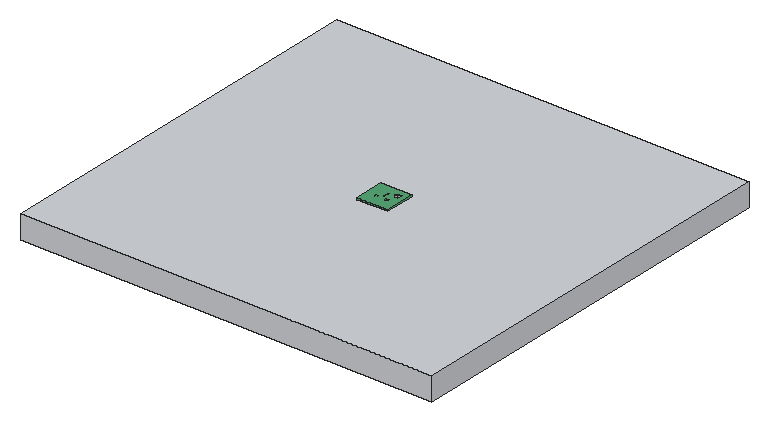
Revit family "OUT005_MM-ELE_GEN_Small Power_13A Switched socket outlet", category Electrical Fixtures, host Face, Revit 2019
Family settings
  Host = Face
  Maintain Annotation Orientation = Yes
  Round Connector Dimension = Use Diameter
  Part Type = Normal
  OmniClass Number = 23.80.50.11.17
  OmniClass Title = Ground Fault Receptacles
  Cut with Voids When Loaded = Yes
  Shared = Yes
  Room Calculation Point = No
Parameters (values of type "13A SSO")
  Height [instance] = 95 mm
  Vico 03 [instance] = ""
  Vico 02 [instance] = ""
  Vico 01 [instance] = ""
  Uniclass 2 Code = "Pr_70_70_27_82"
  Symbol Offset X [instance] = 0 mm
  Software Version = "2014"
  Offset [instance] = if(Symbol Offset X + 1000 mm > 0 mm, 1000 mm - Symbol Offset X, Symbol Offset X)  # 1000 mm
  Switch Voltage = 230 V
  Load Classification = Socket
  Load = 250 VA
  Level Of Detail [instance] = ""
  Width [instance] = 95 mm
  Depth [instance] = 53.975 mm
  Default Elevation = 450 mm
  Component Status [instance] = ""
  Author = "Mott MacDonald Ltd"  # constant formula
  Assembly Code = ""
Reference planes
  plane 1 "Centre (Front/Back)": y = 0
  plane 2: z = 0
  plane 3 "Centre (Left/Right)": x = 0
  plane 4: x = -47.5
  plane 5: x = 47.5
  plane 6: x = -37.5
  plane 7: x = 37.5
  plane 8: y = 0
  plane 9: y = -95
  plane 10: y = -10
  plane 11: y = -85.373
  plane 12 "level above": z = 4.762
  plane 13 "level below": z = -53.975
  plane 14: x = -1000
  plane 15: x = 0
  plane 16: y = -47.5
  plane 17: x = 0
Forms (mm)
  Extrusion 1, solid
    sketch origin (0, 0, 0) x (1, 0, 0) y (0, 1, 0)
      loop
        line (-644.525, 571.5) -> (-644.525, -666.75) -> (644.525, -666.75) -> (644.525, 571.5) -> (-644.525, 571.5)
    from 0 to -72.672
  Extrusion 2, solid, material "Electrical Equipment", detail levels fine
    sketch origin (0, -48.75, 0) x (1, 0, 0) y (0, 1, 0)
      loop
        line (-47.5, 48.75) -> (-47.5, -46.25) -> (47.5, -46.25) -> (47.5, 48.75) -> (-47.5, 48.75)
      loop
        line (-20.092, -7.431) -> (-20.092, -11.384) -> (-12.006, -11.384) -> (-12.006, -7.431) -> (-20.092, -7.431)
      loop
        line (20.092, -7.431) -> (12.006, -7.431) -> (12.006, -11.384) -> (20.092, -11.384) -> (20.092, -7.431)
      loop
        line (-2.568, 16.961) -> (-2.568, 3.835) -> (2.432, 3.835) -> (2.432, 16.961) -> (-2.568, 16.961)
    from 0 to 4.762
  Extrusion 3, solid, material "Electrical Equipment", detail levels fine
    sketch origin (0, -53.75, 0) x (1, 0, 0) y (0, 1, 0)
      loop
        line (-37.5, 43.75) -> (-37.5, -31.623) -> (37.5, -31.623) -> (37.5, 43.75) -> (-37.5, 43.75)
    from 0 to -53.975
  Extrusion 4, solid, detail levels fine
    sketch origin (0, -7.45, 4.762) x (1, 0, 0) y (0, 1, 0)
      loop
        line (21.683, -11.27) -> (21.683, -26.27) -> (31.683, -26.27) -> (31.683, -11.27) -> (21.683, -11.27)
    from 0 to 5
  Extrusion 5, void
    sketch origin (31.683, -18.72, 4.762) x (0, 1, 0) y (0, 0, -1)
      loop
        line (-15, -5) -> (0, -5) -> (0, 0) -> (-15, -5)
    from 0 to 10
Cuts and joins
  Extrusion 5 cuts Extrusion 4
Lines and regions (mm)
  symbolic lines, detail levels fine
    curve 1: line (47.5, 0, 4.762) -> (-47.5, 0, 4.762)
    curve 2: line (47.5, 0, 0) -> (47.5, 0, 4.762)
    curve 3: line (-47.5, 0, 0) -> (47.5, 0, 0)
    curve 4: line (-47.5, 0, 4.762) -> (-47.5, 0, 0)
    curve 5: line (37.5, 0, -53.975) -> (-37.5, 0, -53.975)
    curve 6: line (37.5, 0, 0) -> (37.5, 0, -53.975)
    curve 7: line (-37.5, 0, -53.975) -> (-37.5, 0, 0)
Dimensions and locks
  locked: plane 12 "level above" to level at 4.763
  "Depth": level to plane 13 "level below"
  equal spacing: plane 4, plane 3 "Centre (Left/Right)", plane 5
  "Width": plane 4 to plane 5
  "Height": plane 8 to plane 9
  locked: plane 14 to plane 3 "Centre (Left/Right)" at 1000
  plane 14 to plane 15 = 1000 mm
  equal spacing: plane 8, plane 16, plane 9
  locked: plane 7 to plane 5 at 10
  locked: plane 4 to plane 6 at 10
  locked: plane 8 to plane 10 at 10
  locked: plane 11 to plane 9 at 9.627
  "Offset": plane 14 to plane 17
  aligned and locked: plane 2 to Extrusion 1
  aligned and locked: level to Extrusion 1
  aligned and locked: plane 8 to Extrusion 2  (x2)
  aligned and locked: plane 5 to Extrusion 2  (x3)
  aligned and locked: Extrusion 2 to plane 4  (x2)
  aligned and locked: Extrusion 2 to level
  aligned and locked: plane 12 "level above" to Extrusion 2
  aligned and locked: Extrusion 3 to plane 6  (x2)
  aligned and locked: plane 7 to Extrusion 3  (x3)
  aligned and locked: Extrusion 3 to level
  aligned and locked: Extrusion 3 to plane 13 "level below"
  aligned and locked: plane 2 to curve 3
  aligned and locked: curve 1 to plane 12 "level above"
  aligned and locked: curve 4 to plane 4
  aligned and locked: plane 5 to curve 2
  aligned and locked: curve 7 to plane 6
  aligned and locked: plane 7 to curve 6
  aligned and locked: Extrusion 2 to plane 9
  aligned and locked: Extrusion 3 to plane 11
  aligned and locked: plane 10 to Extrusion 3
  aligned and locked: nested 1 to plane 17
Automatic sketch dimensions
  Extrusion 1 sketch curve to Extrusion 1 sketch curve = 1289.05 mm
  Extrusion 1 sketch curve to Extrusion 1 sketch curve = 1238.25 mm
  Extrusion 2 sketch curve to plane 4 = 0 mm
  Extrusion 2 sketch curve to plane 5 = 0 mm
  plane 9 to Extrusion 2 sketch curve = 0 mm
  Extrusion 2 sketch curve to plane 8 = 0 mm
  Extrusion 2 sketch curve to plane 3 "Centre (Left/Right)" = 20.092 mm
  Extrusion 2 sketch curve to Extrusion 2 sketch curve = 8.086 mm  (x2)
  Extrusion 2 sketch curve to plane 3 "Centre (Left/Right)" = 2.568 mm
  plane 3 "Centre (Left/Right)" to Extrusion 2 sketch curve = 2.432 mm
  plane 3 "Centre (Left/Right)" to Extrusion 2 sketch curve = 12.006 mm
  plane 11 to Extrusion 2 sketch curve = 25.24 mm  (x2)
  Extrusion 2 sketch curve to Extrusion 2 sketch curve = 3.953 mm  (x2)
  plane 1 "Centre (Front/Back)" to Extrusion 2 sketch curve = 44.915 mm
  Extrusion 2 sketch curve to Extrusion 2 sketch curve = 13.125 mm
  Extrusion 3 sketch curve to plane 6 = 0 mm
  Extrusion 3 sketch curve to plane 7 = 0 mm
  plane 11 to Extrusion 3 sketch curve = 0 mm
  Extrusion 3 sketch curve to plane 10 = 0 mm
  Extrusion 4 sketch curve to plane 7 = 15.817 mm
  Extrusion 4 sketch curve to plane 7 = 5.817 mm
  Extrusion 4 sketch curve to plane 10 = 23.72 mm
  Extrusion 4 sketch curve to plane 10 = 8.72 mm
  Extrusion 5 sketch curve to Extrusion 4 = 0 mm  (x4)
  curve 5 to plane 13 "level below" = 0 mm
Nested families
  nested 1: "13A Switched Socket Outlet" at (0, 0, 0), type "13A Switched Socket outlet", detail levels coarse+medium
Connectors
  electrical at (0, -10, -26.988)
    settings: on Extrusion 3, index 1, voltage 230 V, apparent load 0 VA, apparent load phase1 250 VA, apparent load phase2 0 VA, apparent load phase3 0 VA, power factor 1, load classification "Socket", number of poles 1, system type 31, power factor state 1, is connector primary yes, connector utility no, sub classification motor no, connector description ""
Definition of nested family "13A Switched Socket Outlet"
  Reference planes
    plane 1: y = 0
    plane 2: x = 0
  Lines and regions (mm)
    detail lines
      curve 1: arc (0, 2.4, 0) -> (0.518, 2.332, 0) -> (1, 2.132, 0) r 2
      curve 2: arc (2, 0.4, 0) -> (0, 2.4, 0) -> (-2, 0.4, 0) r 2
      curve 3: line (0, 4.9, 0) -> (0, 2.4, 0)
      curve 4: line (-2, 0.4, 0) -> (-2, 0, 0)
      curve 5: line (-2, 0, 0) -> (2, 0, 0)
      curve 6: line (2, 0, 0) -> (2, 0.4, 0)
      curve 7: line (1, 2.132, 0) -> (2.287, 4.361, 0)
      curve 8: line (2.287, 4.361, 0) -> (3.154, 3.861, 0)
  Dimensions and locks
    locked: curve 4 to curve 6 at 4
    locked: curve 5 to curve 2 at 2.4
